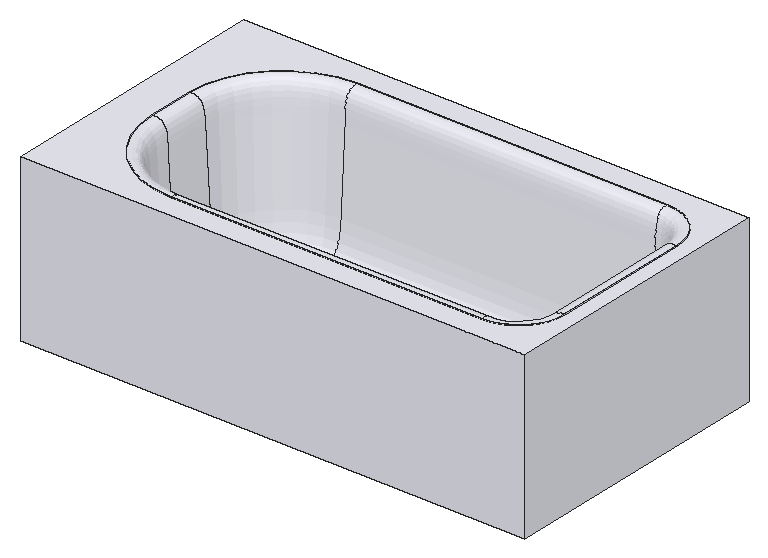
Revit family
Parameters (values of type "59A_욕실1_KO-Bathroom bath Rodin W1600*D720*H425")
  폭 [instance] = 1300 mm
  Manufacturer = "E-hwa hightecg"
  Model = "Rodin"
  bath material = pottery
  Assembly Code = ""
Reference planes
  plane 1 "중심(앞/뒤)": y = 0
  plane 2: z = 0
  plane 3 "중심(왼쪽/오른쪽)": x = 0
Forms (mm)
  Extrusion 1, solid, material "pottery" <- "bath material"
    sketch origin (1411.064, -815.915, 0) x (1, 0, 0) y (0, 1, 0)
      loop
        line (-2061.064, 1175.915) -> (-2061.064, 455.915) -> (-761.064, 455.915) -> (-761.064, 1175.915) -> (-2061.064, 1175.915)
      loop
        arc (-1721.064, 1115.915) -> (-1890.769, 1045.621) -> (-1961.064, 875.915) r 240
        line (-1961.064, 875.915) -> (-1961.064, 755.915)
        arc (-1961.064, 755.915) -> (-1890.769, 586.209) -> (-1721.064, 515.915) r 240
        line (-1721.064, 515.915) -> (-921.064, 515.915)
        arc (-921.064, 515.915) -> (-836.211, 551.062) -> (-801.064, 635.915) r 120
        line (-801.064, 635.915) -> (-801.064, 995.915)
        arc (-801.064, 995.915) -> (-836.211, 1080.768) -> (-921.064, 1115.915) r 120
        line (-921.064, 1115.915) -> (-1721.064, 1115.915)
    from 0 to 425
  Sweep 2, solid, material "pottery" <- "bath material"
    path origin (0, 0, 0) x (1, 0, 0) y (0, 1, 0)
      loop
        arc (-310, 300) -> (-479.706, 229.706) -> (-550, 60) r 240
        line (-550, 60) -> (-550, -60)
        arc (-550, -60) -> (-479.706, -229.706) -> (-310, -300) r 240
        line (-310, -300) -> (490, -300)
        arc (490, -300) -> (574.853, -264.853) -> (610, -180) r 120
        line (610, -180) -> (610, 180)
        arc (610, 180) -> (574.853, 264.853) -> (490, 300) r 120
        line (490, 300) -> (-310, 300)
    profile origin (90, 0, 0) x (0, 1, 0) y (0, 0, 1)
      loop
        line (300, 0) -> (300, 425)
        spline (300, 425) -> (278.173, 421.66) -> (266.472, 407.291) -> (261.223, 381.271) -> (258.752, 342.979) -> (256.268, 293.411) -> (253.314, 237.864) -> (249.822, 182.347) -> (245.722, 132.866) -> (240.436, 94.114) -> (231.539, 66.021) -> (216.187, 47.436) -> (191.539, 37.211)
        line (191.539, 37.211) -> (191.539, 0) -> (300, 0)
  Extrusion 3, solid, material "pottery" <- "bath material"
    sketch origin (0, 5, 0) x (1, 0, 0) y (0, 1, 0)
      loop
        line (-441.539, 55) -> (-441.539, -65)
        arc (-441.539, -65) -> (-403.012, -158.012) -> (-310, -196.539) r 131.539
        line (-310, -196.539) -> (490, -196.539)
        arc (490, -196.539) -> (498.159, -193.159) -> (501.539, -185) r 11.539
        line (501.539, -185) -> (501.539, 175)
        arc (501.539, 175) -> (498.159, 183.159) -> (490, 186.539) r 11.539
        line (490, 186.539) -> (-310, 186.539)
        arc (-310, 186.539) -> (-403.012, 148.012) -> (-441.539, 55) r 131.539
    from 0 to 37.211
Dimensions and locks
  Extrusion 1 to Extrusion 1 = 1300 mm
  Extrusion 1 to Extrusion 1 = 720 mm
  Extrusion 1 to Extrusion 1 = 425 mm
  "폭": Extrusion 1 to Extrusion 1
  equal spacing: Extrusion 1, plane 3 "중심(왼쪽/오른쪽)", Extrusion 1
  aligned: Extrusion 3 sketch curve to Sweep 2
Automatic sketch dimensions
  Extrusion 1 sketch curve to plane 1 "중심(앞/뒤)" = 360 mm
  Extrusion 1 sketch curve to plane 3 "중심(왼쪽/오른쪽)" = 650 mm
  Extrusion 1 sketch curve to plane 1 "중심(앞/뒤)" = 60 mm
  Extrusion 1 sketch curve to Extrusion 1 sketch curve = 100 mm
  Extrusion 1 sketch curve to plane 1 "중심(앞/뒤)" = 300 mm
  Extrusion 1 sketch curve to Extrusion 1 sketch curve = 240 mm
  plane 1 "중심(앞/뒤)" to Extrusion 1 sketch curve = 300 mm
  plane 3 "중심(왼쪽/오른쪽)" to Extrusion 1 sketch curve = 490 mm
  Extrusion 1 sketch curve to Extrusion 1 sketch curve = 0 mm
  Extrusion 1 sketch curve to Extrusion 1 sketch curve = 120 mm
  Extrusion 1 sketch curve to Extrusion 1 sketch curve = 160 mm
  Extrusion 1 sketch curve to Extrusion 1 sketch curve = 300 mm
  Sweep 2 sketch curve to level = 0 mm
  Sweep 2 sketch curve to profile plane = 0 mm
  profile plane to Sweep 2 sketch curve = 108.461 mm
  level to Sweep 2 sketch curve = 37.211 mm
  Sweep 2 sketch curve to Sweep 2 sketch curve = 387.789 mm
  Sweep 2 sketch curve to plane 3 "중심(왼쪽/오른쪽)" = 310 mm
  plane 3 "중심(왼쪽/오른쪽)" to Sweep 2 sketch curve = 490 mm
  Sweep 2 sketch curve to plane 1 "중심(앞/뒤)" = 60 mm
  Sweep 2 sketch curve to Sweep 2 sketch curve = 240 mm
  plane 1 "중심(앞/뒤)" to Sweep 2 sketch curve = 60 mm
  Sweep 2 sketch curve to Sweep 2 sketch curve = 0 mm
  Sweep 2 sketch curve to Sweep 2 sketch curve = 120 mm  (x2)
  Extrusion 3 sketch curve to plane 1 "중심(앞/뒤)" = 60 mm
  Extrusion 3 sketch curve to plane 3 "중심(왼쪽/오른쪽)" = 441.539 mm
  plane 1 "중심(앞/뒤)" to Extrusion 3 sketch curve = 60 mm
  Extrusion 3 sketch curve to Extrusion 3 sketch curve = 131.539 mm  (x2)
  plane 3 "중심(왼쪽/오른쪽)" to Extrusion 3 sketch curve = 490 mm
  Extrusion 3 sketch curve to Extrusion 3 sketch curve = 11.539 mm  (x2)
